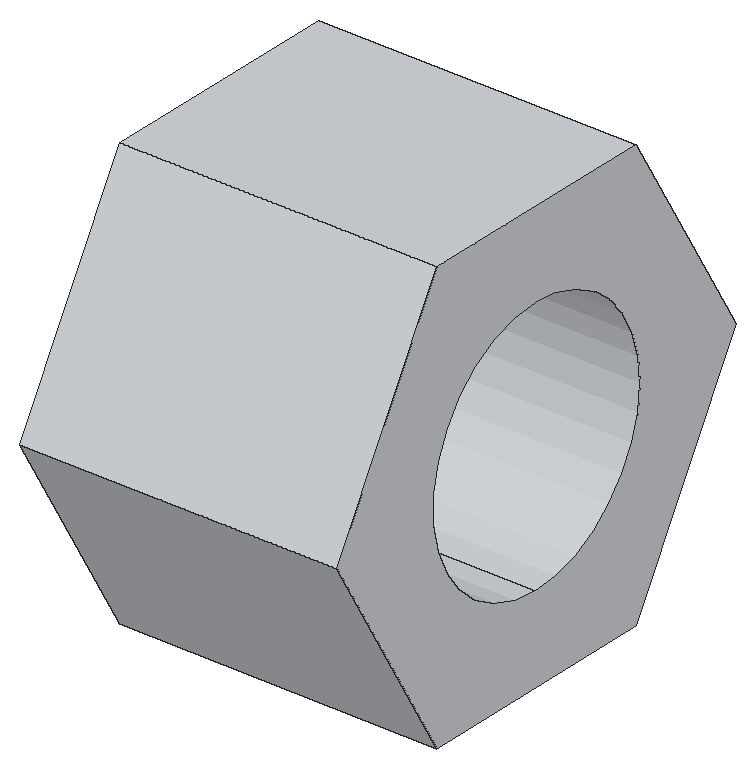
Revit family "TR2040", category Verbindungsmittel, Revit 2021
Family settings
  OmniClass-Nummer = 23.25.10.27.11.21
  OmniClass-Titel = Reinforcement Couplers
  Arbeitsebenenbasiert = Nein
  Immer vertikal = Nein
  Beim Laden mit Abzugskörper schneiden = Nein
  Gemeinsam genutzt = Nein
Parameters (values of type "TR 2040-ø18")
  URL = "http//:www.annahuette.com"
  Typenkommentare = "TR 2040- Kontermutter, kurz"
  Typenbild = TR2040.png
  TR2040-ød = 18 mm
  TR2040-SW_Vis = [TR2040-SW] = [TR2040-SW]  # yes
  TR2040-SW = 30 mm
  TR2040-L_Vis = [TR2040-L] = [TR2040-L]  # yes
  TR2040-L = 22 mm
  TR2040-G_Vis = [TR2040-G] = [TR2040-G]  # yes
  TR2040-G = 0.10 kg
  Stabgröße 2 = Keine
  Stabgröße 1 = SAS 670 - ø18
  Modell = "TR 2040"
  Körper = 0,10 kg
  Hersteller = "Stahlwerk Annahütte Max Aicher GmbH Co.KG"
  Gewicht = 0.10 kg
  Gesamtlänge = if([TR2040-L_Vis], [TR2040-L], 0 mm)  # 22 mm
  Endenbearbeitung 2 = Mit Gewinde
  Endenbearbeitung 1 = Mit Gewinde
  Einfassung Stab 2 = 0 mm  # constant formula
  Einfassung Stab 1 = if([TR2040-L_Vis], [TR2040-L], 0 mm)  # 22 mm
  Beschreibung = "TR2040-ø18"
  Außendurchmesser = if([TR2040-SW_Vis], [TR2040-SW], 0 mm)  # 30 mm
Types (11, lengths in mm): name | Typenkommentare | TR2040-ød | TR2040-SW | TR2040-L | TR2040-G | Stabgröße 1 | Körper | Gewicht | Gesamtlänge | Einfassung Stab 2 | Einfassung Stab 1 | Beschreibung | Außendurchmesser
  (no name) | "TR 2040- Kontermutter, kurz" | 18 | 30 | 22 | 0.10 kg | SAS 670 - ø18 | 0.1 (stored number, unit not read) | 0.10 kg | 22 | (empty or 0) | 0.072178 (stored number, unit not read) | "TR2040-ø18" | 30
  TR 2040-ø18 | "TR 2040- Kontermutter, kurz" | 18 | 30 | 22 | 0.10 kg | SAS 670 - ø18 | 0,10 kg | 0.10 kg | 22 | 0 mm | 22 mm | "TR2040-ø18" | 30
  TR 2040-ø22 | "TR 2040 - Kontermutter, kurz" | 22 | 36 | 22 | 0.12 kg | SAS 670 - ø22 | 0,12 kg | 0.12 kg | 22 | 0 mm | 22 mm | "TR2040-ø22" | 36
  TR 2040-ø25 | "TR 2040 - Kontermutter, kurz" | 25 | 41 | 22 | 0.16 kg | SAS 670 - ø25 | 0,16 kg | 0.16 kg | 22 | 0 mm | 22 mm | "TR2040-ø25" | 41
  TR 2040-ø28 | "TR 2040 - Kontermutter, kurz" | 28 | 46 | 30 | 0.26 kg | SAS 670 - ø28 | 0,26 kg | 0.26 kg | 30 | 0 mm | 30 mm | "TR2040-ø28" | 46
  TR 2040-ø30 | "TR 2040 -Kontermutter, kurz" | 30 | 50 | 30 | 0.31 kg | SAS 670 - ø30 | 0,31 kg | 0.31 kg | 30 | 0 mm | 30 mm | "TR2040-ø30" | 50
  TR 2040-ø35 | "TR 2040 - Kontermutter, kurz" | 35 | 55 | 40 | 0.47 kg | SAS 670 - ø35 | 0,47 kg | 0.47 kg | 40 | 0 mm | 40 mm | "TR2040-ø35" | 55
  TR 2040-ø43 | "TR 2040 - Kontermutter, kurz" | 43 | 70 | 50 | 1.00 kg | SAS 670 - ø43 | 1,00 kg | 1.00 kg | 50 | 0 mm | 50 mm | "TR2040-ø43" | 70
  TR 2040-ø50 | "TR 2040 - Kontermutter, kurz" | 50 | 80 | 50 | 1.26 kg | SAS 670 - ø50 | 1,26 kg | 1.26 kg | 50 | 0 mm | 50 mm | "TR2040-ø50" | 80
  TR 2040-ø57,5 | "TR 2040 - Kontermutter, kurz" | 57.5 | 90 | 60 | 2.04 kg | SAS 670 - ø57,5 | 2,04 kg | 2.04 kg | 60 | 0 mm | 60 mm | "TR2040-ø57,5" | 90
  TR 2040-ø63,5 | "TR 2040 - Kontermutter, kurz" | 63.5 | 100 | 70 | 2.70 kg | SAS 670 - ø63,5 | 2,70 kg | 2.70 kg | 70 | 0 mm | 70 mm | "TR2040-ø63,5" | 100
Reference planes
  plane 1: y = 0
  plane 2: z = 0
  plane 3: x = 0
  plane 4: through (-1200, 0, 0) normal (0, -0.866, -0.5)
  plane 5: through (-1200, 0, 0) normal (0, -0.866, 0.5)
Forms (mm)
  Extrusion 1, solid
    sketch origin (0, 0, 0) x (0, 0, 1) y (0, 1, 0)
      loop
        line (-15, -8.66) -> (0, -17.321) -> (15, -8.66) -> (15, 8.66) -> (0, 17.321) -> (-15, 8.66) -> (-15, -8.66)
      loop
        circle (0, 0) r 9
    from 0 to 22 <- "TR2040-L"
Dimensions and locks
  "TR2040-SW": Extrusion 1 sketch curve to Extrusion 1 sketch curve  (x3)
  "Gesamtlänge": Extrusion 1 to plane 3
  "TR2040-ød": diameter of Extrusion 1 sketch curve
  angle plane 4 to plane 5 = 60.00°
Automatic sketch dimensions
  plane 4 to Extrusion 1 sketch curve = 0 mm  (x2)
  Extrusion 1 sketch curve to plane 5 = 0 mm
  Extrusion 1 sketch curve to level = 0 mm  (x3)
  Extrusion 1 sketch curve to plane 1 = 0 mm
